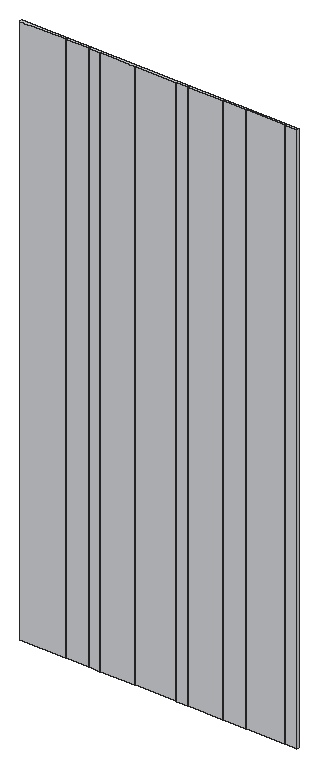
Revit family "easygrooveRandom", category Generic Models, Revit 2015
Parameters (values of type "Length=2400")
  vis.Rebateddado [instance] = and(Show Dado, Select EasyDado_Rebated)  # no
  vis.Flatdado [instance] = and(Show Dado, Select EasyDado_Flat)  # no
  easysline_Material = none
  URL = "http://www.easycraft.com.au/products/1/easygroove"
  Show Dado [instance] = no
  Select EasyDado_Rebated [instance] = not(Select EasyDado_Flat)  # yes
  Select EasyDado_Flat [instance] = no
  Model = "easyline"  # constant formula
  Manufacturer = "Easycraft Australia Pty Ltd ph 07 3906 7200"  # constant formula
  Length_panel = 2400 mm
  Description = "VGROOVERAN"  # constant formula
  Assembly Code = "G09MR24-R"
Types (3, lengths in mm): name | Length_panel | Assembly Code
  Length=2400 | 2400 | "G09MR24-R"
  Length=3000 | 3000 | "G09MR30-R"
  Length=3600 | 3600 | "G09MR36-R"
Reference planes
  plane 1 "Center (Front/Back)": y = 0
  plane 2: z = 0
  plane 3 "Center (Left/Right)": x = 0
  plane 4 "Panel_top": z = 2400
Forms (mm)
  Sweep 1, solid, material <- "easysline_Material"
    path origin (0, 0, 0) x (-1, 0, 0) y (0, 0, 1)
      loop
        line (0, 0) -> (0, 2400)
    profile "_easygrooveRandom : _easygrooveRandom" origin (0, 0, 1200) x (1, 0, 0) y (0, 1, 0)
      loop
        line (0, 0) -> (0, -7) -> (2, -9) -> (198, -9) -> (200, -7) -> (202, -9) -> (298, -9) -> (300, -7) -> (302, -9) -> (348, -9) -> (350, -7) -> (352, -9) -> (498, -9) -> (500, -7) -> (502, -9) -> (678, -9) -> (680, -7) -> (682, -9) -> (728, -9) -> (730, -7) -> (732, -9) -> (878, -9) -> (880, -7) -> (882, -9) -> (978, -9) -> (980, -7) -> (982, -9) -> (1148, -9) -> (1150, -7) -> (1152, -9) -> (1198, -9) -> (1200, -7) -> (1200, 0) -> (0, 0)
Dimensions and locks
  "Length_panel": plane 4 "Panel_top" to plane 2
  aligned and locked: level to plane 2
  aligned and locked: nested 2 to plane 4 "Panel_top"
  aligned and locked: plane 1 "Center (Front/Back)" to nested 2
  aligned and locked: nested 1 to plane 4 "Panel_top"
Automatic sketch dimensions
  Sweep 1 sketch curve to plane 3 "Center (Left/Right)" = 0 mm
  Sweep 1 sketch curve to level = 0 mm
  Sweep 1 sketch curve to plane 4 "Panel_top" = 0 mm
Nested families
  nested 1: "easydado_flat" at (0, -9, 2400), visible <- "vis.Flatdado", type "Length=1200"
  nested 2: "easydado_rebated" at (0, 0, 2400), visible <- "vis.Rebateddado", type "Length=1200"
Definition of nested family "easydado_flat"
  Parameters (values of type "Length=1200")
    easydado_flat_Material = none
    URL = "http://www.easycraft.com.au/products/9/easydado"
    Model = "easydado"  # constant formula
    Manufacturer = "Easycraft Australia Pty Ltd ph 07 3906 7200"  # constant formula
    Length_dado = 1200 mm
    Description = "FLAT"  # constant formula
    Assembly Code = "DR58X28F"
  Reference planes
    plane 1 "Center (Front/Back)": y = 0
    plane 2: z = 0
    plane 3 "Center (Left/Right)": x = 0
    plane 4: x = 1200
  Forms (mm)
    Sweep 1, solid, material <- "easydado_flat_Material"
      path origin (0, 0, 0) x (1, 0, 0) y (0, 1, 0)
        loop
          line (1200, 0) -> (0, 0)
      profile "_dadoflat : Type 1" origin (600, 0, 0) x (0, -1, 0) y (0, 0, 1)
        loop
          arc (11, -21.649) -> (15.972, -19.589) -> (18.032, -14.616) r 7.032
          line (18.032, -14.616) -> (20.5, -14.616) -> (20.5, -9.616)
          arc (20.5, -9.616) -> (28, 0.905) -> (20.5, 11.426) r 11.13
          line (20.5, 11.426) -> (20.5, 14.059)
          arc (20.5, 14.059) -> (13.782, 16.841) -> (11, 23.559) r 9.5
          line (11, 23.559) -> (0, 23.559) -> (0, -29.941)
          arc (0, -29.941) -> (4.5, -34.441) -> (9, -29.941) r 4.5
          line (9, -29.941) -> (9, -27.86) -> (11, -27.86) -> (11, -21.649)
  Dimensions and locks
    "Length_dado": plane 3 "Center (Left/Right)" to plane 4
    aligned and locked: level to plane 2
  Automatic sketch dimensions
    plane 1 "Center (Front/Back)" to Sweep 1 sketch curve = 0 mm
    Sweep 1 sketch curve to plane 3 "Center (Left/Right)" = 0 mm
    Sweep 1 sketch curve to plane 4 = 0 mm
Definition of nested family "easydado_rebated"
  Parameters (values of type "Length=1200")
    easydado_rebated_Material = none
    URL = "http://www.easycraft.com.au/products/9/easydado"
    Model = "easydado"  # constant formula
    Manufacturer = "Easycraft Australia Pty Ltd ph 07 3906 7200"  # constant formula
    Length_dado = 1200 mm
    Description = "REBATED"  # constant formula
    Assembly Code = "DR48X28R"
  Types (2, lengths in mm): name | Length_dado
    Length=600 | 600
    Length=1200 | 1200
  Reference planes
    plane 1 "Center (Front/Back)": y = 0
    plane 2: z = 0
    plane 3 "Center (Left/Right)": x = 0
    plane 4: x = 1200
  Forms (mm)
    Sweep 1, solid, material <- "easydado_rebated_Material"
      path origin (0, 0, 0) x (1, 0, 0) y (0, 1, 0)
        loop
          line (1200, 0) -> (0, 0)
      profile "_profile_easydadorebated : _profile_easydadorebated" origin (600, 0, 0) x (0, -1, 0) y (0, 0, 1)
        loop
          arc (20.5, 25.5) -> (13.782, 28.282) -> (11, 35) r 9.5
          line (11, 35) -> (0, 35) -> (0, 0) -> (9, 0) -> (9, -13)
          arc (9, -13) -> (15.364, -10.364) -> (18, -4) r 9
          line (18, -4) -> (20.5, -4) -> (20.5, 1.825)
          arc (20.5, 1.825) -> (28, 12.346) -> (20.5, 22.867) r 11.13
          line (20.5, 22.867) -> (20.5, 25.5)
  Dimensions and locks
    "Length_dado": plane 3 "Center (Left/Right)" to plane 4
    aligned and locked: level to plane 2
  Automatic sketch dimensions
    plane 1 "Center (Front/Back)" to Sweep 1 sketch curve = 0 mm
    Sweep 1 sketch curve to plane 3 "Center (Left/Right)" = 0 mm
    Sweep 1 sketch curve to plane 4 = 0 mm
